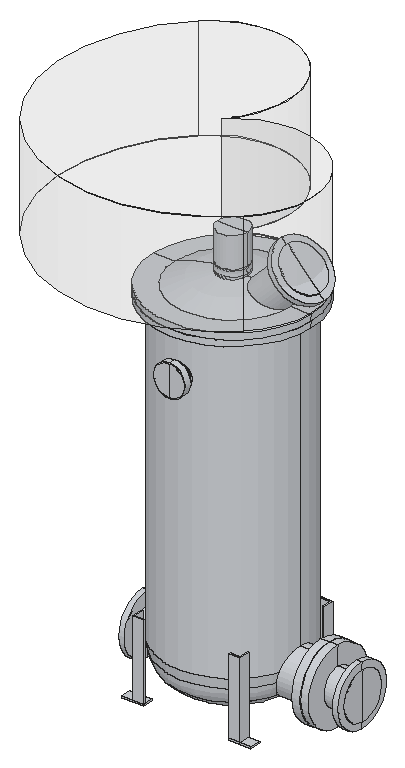
Revit family "Aquarevival_BSG25T", category Mechanical Equipment, Revit 2018
Family settings
  Round Connector Dimension = Use Diameter
  Part Type = Normal
  OmniClass Number = 23.75.00.00
  OmniClass Title = Climate Control (HVAC)
  Work Plane-Based = No
  Always vertical = Yes
  Cut with Voids When Loaded = No
  Shared = No
  Room Calculation Point = No
Parameters
  Panel Location (0-4) [instance] = 0
  Panel 4 [instance] = [Panel Location (0-4)] = 4  # no
  Panel 3 [instance] = [Panel Location (0-4)] = 3  # no
  Panel 2 [instance] = [Panel Location (0-4)] = 2  # no
  Panel 1 [instance] = not(or([Panel Location (0-4)] = 2, [Panel Location (0-4)] = 3, [Panel Location (0-4)] = 4, [Panel Location (0-4)] = 0))  # no
  Outlet = 0' - 6"
  Model = "BSG25T"
  Manufacturer = "Aqua Revival LLC"
  Keynote = ""
  Inlet = 0' - 6"
  Filter Discharge Rotation [instance] = 0.00°
  Filter Clearance Rotation [instance] = 0.00°
  Drain = 0' - 6"
  Description = "Regenerative Media Filter"
Reference planes (in)
  plane 1 "Center (Front/Back)": y = 0
  plane 2: z = 0
  plane 3 "Center (Left/Right)": x = 0
Forms (in)
  Revolve 1, solid
    sketch origin (-2.42435, 0, 0.85603) x (1, 0, 0) y (0, 0, 1)
      loop
        line (-14.12767, 5.39286) -> (2.50798, 5.39286) -> (2.50798, 8.70536) -> (-13.12766, 8.70536) -> (-13.12766, 10.89286) -> (-14.12767, 10.89286) -> (-14.12767, 5.39286)
      axis (-14.12767, 5.39286) -> (2.50798, 5.39286)
    angle from 0 to 360
  Extrusion 2, solid
    sketch origin (-2.42435, 0, 0.85603) x (0, 1, 0) y (0, 0, 1)
      loop
        circle (0, 5.39286) r 3.25
    from -14.26766 to -14.12767
  Revolve 3, solid
    sketch origin (0, -55.24083, 12.73959) x (0, 1, 0) y (0, 0, 1)
      loop
        line (40.62187, 45.49946) -> (44.12187, 45.49946) -> (44.12187, 47.76786) -> (42.49057, 47.76786) -> (42.39687, 47.86156) -> (42.39687, 48.01786) -> (41.87187, 48.01786) -> (41.87187, 48.41208) -> (40.71557, 48.41208) -> (40.62187, 48.31823) -> (40.62187, 45.49946)
      axis (40.62187, 45.49946) -> (44.12187, 45.49946)
    angle from 0 to 360
  Extrusion 4, solid
    sketch origin (0, 0, 0) x (1, 0, 0) y (0, 1, 0)
      loop
        line (-11.92656, -10.65994) -> (-7.91428, -10.65994) -> (-7.91428, -8.65994) -> (-11.92656, -8.65994) -> (-11.92656, -10.65994)
      loop
        line (11.92656, -10.65994) -> (11.92656, -8.65994) -> (7.91428, -8.65994) -> (7.91428, -10.65994) -> (11.92656, -10.65994)
      loop
        line (-11.92656, 10.65994) -> (-11.92656, 8.65994) -> (-7.91428, 8.65994) -> (-7.91428, 10.65994) -> (-11.92656, 10.65994)
      loop
        line (11.92656, 10.65994) -> (7.91428, 10.65994) -> (7.91428, 8.65994) -> (11.92656, 8.65994) -> (11.92656, 10.65994)
    from 0 to 0.25
  Extrusion 5, solid
    sketch origin (0, 0, 0) x (1, 0, 0) y (0, 1, 0)
      loop
        line (-7.91428, -10.65994) -> (-7.91428, -10.40994) -> (-9.67042, -10.40994) -> (-9.67042, -8.65994) -> (-9.92042, -8.65994) -> (-9.92042, -10.65994) -> (-7.91428, -10.65994)
      loop
        line (7.91428, -10.65994) -> (9.92042, -10.65994) -> (9.92042, -8.65994) -> (9.67042, -8.65994) -> (9.67042, -10.40994) -> (7.91428, -10.40994) -> (7.91428, -10.65994)
      loop
        line (-7.91428, 10.65994) -> (-9.92042, 10.65994) -> (-9.92042, 8.65994) -> (-9.67042, 8.65994) -> (-9.67042, 10.40994) -> (-7.91428, 10.40994) -> (-7.91428, 10.65994)
      loop
        line (7.91428, 10.65994) -> (7.91428, 10.40994) -> (9.67042, 10.40994) -> (9.67042, 8.65994) -> (9.92042, 8.65994) -> (9.92042, 10.65994) -> (7.91428, 10.65994)
    from 0.25 to 14.1875
  Extrusion 6, solid, visible <- "Panel 1"
    sketch origin (-0.01774, -3.35489, 11.91839) x (1, 0, 0) y (0, 1, 0)
      loop
        line (-26.32299, -12.86214) -> (-26.32299, -13.11014) -> (-27.35099, -13.11014) -> (-27.35099, -13.77514)
        arc (-27.35099, -13.77514) -> (-27.30413, -13.88828) -> (-27.19099, -13.93514) r 0.16
        line (-27.19099, -13.93514) -> (-11.87099, -13.93514)
        arc (-11.87099, -13.93514) -> (-11.76846, -13.89267) -> (-11.72599, -13.79014) r 0.145
        line (-11.72599, -13.79014) -> (-11.72599, -13.11014) -> (-12.65099, -13.11014) -> (-12.65099, -12.86215) -> (-11.62098, -12.86215)
        arc (-11.62098, -12.86215) -> (-11.51852, -12.81975) -> (-11.47597, -12.71735) r 0.14501
        line (-11.47597, -12.71735) -> (-11.47597, -7.00721)
        arc (-11.47597, -7.00721) -> (-11.51845, -6.90466) -> (-11.62101, -6.86218) r 0.14504
        line (-11.62101, -6.86218) -> (-27.331, -6.86218)
        arc (-27.331, -6.86218) -> (-27.43352, -6.90464) -> (-27.47598, -7.00716) r 0.14498
        line (-27.47598, -7.00716) -> (-27.47598, -12.71714)
        arc (-27.47598, -12.71714) -> (-27.43351, -12.81967) -> (-27.33099, -12.86214) r 0.145
        line (-27.33099, -12.86214) -> (-26.32299, -12.86214)
    from 35.1762 to 51.1012
  Extrusion 7, solid, visible <- "Panel 1"
    sketch origin (-0.01775, -3.35487, 11.91839) x (1, 0, 0) y (0, 1, 0)
      loop
        line (-27.47599, -6.86218) -> (-7.18378, -6.86218)
        arc (-7.18378, -6.86218) -> (-9.92977, -4.2146) -> (-11.74944, -0.86215) r 12.5
        line (-11.74944, -0.86215) -> (-27.47599, -0.86215) -> (-27.47599, -6.86218)
    from 50.9012 to 51.1012
  Extrusion 8, solid, visible <- "Panel 1"
    sketch origin (-0.01775, -3.35487, 11.91839) x (0, 1, 0) y (0, 0, 1)
      loop
        line (-6.86218, 50.9012) -> (-6.86218, 49.53074) -> (-6.61218, 49.53074) -> (-6.61218, 50.9012) -> (-6.86218, 50.9012)
    from -27.47599 to -7.47602
  Extrusion 9, solid, visible <- "Panel 1"
    sketch origin (-0.01775, -3.35487, 98.19579) x (0, -1, 0) y (-1, 0, 0)
      loop
        line (6.86218, 7.18378) -> (6.86218, 27.47599) -> (0.86215, 27.47599) -> (0.86215, 11.74944)
        arc (0.86215, 11.74944) -> (4.2146, 9.92977) -> (6.86218, 7.18378) r 12.5
    from 50.9012 to 51.1012
  Extrusion 10, solid, visible <- "Panel 1"
    sketch origin (-0.01775, -3.35487, 98.19579) x (0, 1, 0) y (0, 0, 1)
      loop
        line (-6.86218, -50.9012) -> (-6.61218, -50.9012) -> (-6.61218, -49.53074) -> (-6.86218, -49.53074) -> (-6.86218, -50.9012)
    from -27.47599 to -7.47599
  Revolve 11, solid, visible <- "Panel 1"
    sketch origin (-19.49372, -64.8959, 11.91839) x (0, -1, 0) y (0, 0, 1)
      loop
        line (-45.98085, 39.52627) -> (-45.98085, 40.27627)
        arc (-45.98085, 40.27627) -> (-46.1273, 40.62983) -> (-46.48085, 40.77627) r 0.5
        line (-46.48085, 40.77627) -> (-46.60585, 40.77627) -> (-46.60585, 40.02627) -> (-47.35585, 40.02627) -> (-47.35585, 40.10855) -> (-47.60585, 40.10855) -> (-47.60585, 39.52627) -> (-45.98085, 39.52627)
      axis (-47.60585, 39.52627) -> (-45.98085, 39.52627)
    angle from 0 to 360
  Revolve 12, solid
    sketch origin (0, 0, 12) x (1, 0, 0) y (0, 0, 1)
      loop
        line (0, 65.30547) -> (-2.75, 65.30547) -> (-2.75, 59.74297) -> (-2.75, 59.53467)
        arc (-2.75, 59.53467) -> (-2.69587, 58.99334) -> (-2.75, 58.45202) r 2.73402
        line (-2.75, 58.45202) -> (-2.75, 58.09177)
        arc (-2.75, 58.09177) -> (-6.80878, 57.3046) -> (-10.68411, 55.86405) r 25.1875
        line (-10.68411, 55.86405) -> (-14.5, 55.86405) -> (-14.5, 54.73906) -> (-14.34632, 54.73906) -> (-14.34632, 54.67656) -> (-14.5, 54.67656) -> (-14.5, 53.61405) -> (-12.5, 53.61405) -> (-12.5, -2.38595) -> (-12.1436, -4.18836)
        arc (-12.1436, -4.18836) -> (-11.75203, -5.73243) -> (-10.90607, -7.08218) r 5.13461
        arc (-10.90607, -7.08218) -> (-9.53802, -8.31753) -> (-7.91428, -9.18994) r 7.65294
        arc (-7.91428, -9.18994) -> (-4.0483, -10.53222) -> (0, -11.13111) r 21.88
        line (0, -11.13111) -> (0, 65.30547)
      axis (0, 65.30547) -> (0, -11.13111)
    angle from 0 to 360
  Revolve 13, solid
    sketch origin (0, 0, 0) x (1, 0, 0) y (0, 0, 1)
      loop
        line (23.97005, 8.23906) -> (23.97005, 12.48906) -> (23.83005, 12.48906) -> (23.83005, 13.73905) -> (22.83005, 13.73905) -> (22.83005, 11.55155) -> (19.41669, 11.55155) -> (19.41669, 14.98906) -> (17.89411, 14.98906) -> (17.89411, 14.95247) -> (17.84947, 14.95247) -> (17.84947, 14.98906) -> (16.34119, 14.98906) -> (16.34119, 12.55155) -> (6.09119, 12.55155) -> (6.09119, 8.23906) -> (23.97005, 8.23906)
      axis (6.09119, 8.23906) -> (23.97005, 8.23906)
    angle from 0 to 360
  Extrusion 14, solid, visible <- "Panel 2"
    sketch origin (0.01774, -3.35489, 11.91839) x (-1, 0, 0) y (0, -1, 0)
      loop
        line (-26.32299, 12.86214) -> (-27.33099, 12.86214)
        arc (-27.33099, 12.86214) -> (-27.43351, 12.81967) -> (-27.47598, 12.71714) r 0.145
        line (-27.47598, 12.71714) -> (-27.47598, 7.00716)
        arc (-27.47598, 7.00716) -> (-27.43352, 6.90464) -> (-27.331, 6.86218) r 0.14498
        line (-27.331, 6.86218) -> (-11.62101, 6.86218)
        arc (-11.62101, 6.86218) -> (-11.51845, 6.90466) -> (-11.47597, 7.00721) r 0.14504
        line (-11.47597, 7.00721) -> (-11.47597, 12.71735)
        arc (-11.47597, 12.71735) -> (-11.51852, 12.81975) -> (-11.62098, 12.86215) r 0.14501
        line (-11.62098, 12.86215) -> (-12.65099, 12.86215) -> (-12.65099, 13.11014) -> (-11.72599, 13.11014) -> (-11.72599, 13.79014)
        arc (-11.72599, 13.79014) -> (-11.76846, 13.89267) -> (-11.87099, 13.93514) r 0.145
        line (-11.87099, 13.93514) -> (-27.19099, 13.93514)
        arc (-27.19099, 13.93514) -> (-27.30413, 13.88828) -> (-27.35099, 13.77514) r 0.16
        line (-27.35099, 13.77514) -> (-27.35099, 13.11014) -> (-26.32299, 13.11014) -> (-26.32299, 12.86214)
    from 35.1762 to 51.1012
  Extrusion 15, solid, visible <- "Panel 2"
    sketch origin (0.01775, -3.35487, 11.91839) x (-1, 0, 0) y (0, -1, 0)
      loop
        line (-27.47599, 6.86218) -> (-27.47599, 0.86215) -> (-11.74944, 0.86215)
        arc (-11.74944, 0.86215) -> (-9.92977, 4.2146) -> (-7.18378, 6.86218) r 12.5
        line (-7.18378, 6.86218) -> (-27.47599, 6.86218)
    from 50.9012 to 51.1012
  Extrusion 16, solid, visible <- "Panel 2"
    sketch origin (0.01775, -3.35487, 11.91839) x (0, 1, 0) y (0, 0, -1)
      loop
        line (-6.86218, -50.9012) -> (-6.61218, -50.9012) -> (-6.61218, -49.53074) -> (-6.86218, -49.53074) -> (-6.86218, -50.9012)
    from -27.47599 to -7.47602
  Extrusion 17, solid, visible <- "Panel 2"
    sketch origin (0.01775, -3.35487, 98.19579) x (0, 1, 0) y (1, 0, 0)
      loop
        arc (-6.86218, 7.18378) -> (-4.2146, 9.92977) -> (-0.86215, 11.74944) r 12.5
        line (-0.86215, 11.74944) -> (-0.86215, 27.47599) -> (-6.86218, 27.47599) -> (-6.86218, 7.18378)
    from 50.9012 to 51.1012
  Extrusion 18, solid, visible <- "Panel 2"
    sketch origin (0.01775, -3.35487, 98.19579) x (0, 1, 0) y (0, 0, -1)
      loop
        line (-6.86218, 50.9012) -> (-6.86218, 49.53074) -> (-6.61218, 49.53074) -> (-6.61218, 50.9012) -> (-6.86218, 50.9012)
    from -27.47599 to -7.47599
  Revolve 19, solid, visible <- "Panel 2"
    sketch origin (19.49372, -64.8959, 11.91839) x (0, -1, 0) y (0, 0, -1)
      loop
        line (-45.98085, -39.52627) -> (-47.60585, -39.52627) -> (-47.60585, -40.10855) -> (-47.35585, -40.10855) -> (-47.35585, -40.02627) -> (-46.60585, -40.02627) -> (-46.60585, -40.77627) -> (-46.48085, -40.77627)
        arc (-46.48085, -40.77627) -> (-46.1273, -40.62983) -> (-45.98085, -40.27627) r 0.5
        line (-45.98085, -40.27627) -> (-45.98085, -39.52627)
      axis (-47.60585, -39.52627) -> (-45.98085, -39.52627)
    angle from 0 to 360
  Extrusion 20, solid, visible <- "Panel 3"
    sketch origin (0.01774, 3.35489, 11.91839) x (-1, 0, 0) y (0, -1, 0)
      loop
        line (-26.32299, -12.86214) -> (-26.32299, -13.11014) -> (-27.35099, -13.11014) -> (-27.35099, -13.77514)
        arc (-27.35099, -13.77514) -> (-27.30413, -13.88828) -> (-27.19099, -13.93514) r 0.16
        line (-27.19099, -13.93514) -> (-11.87099, -13.93514)
        arc (-11.87099, -13.93514) -> (-11.76846, -13.89267) -> (-11.72599, -13.79014) r 0.145
        line (-11.72599, -13.79014) -> (-11.72599, -13.11014) -> (-12.65099, -13.11014) -> (-12.65099, -12.86215) -> (-11.62098, -12.86215)
        arc (-11.62098, -12.86215) -> (-11.51852, -12.81975) -> (-11.47597, -12.71735) r 0.14501
        line (-11.47597, -12.71735) -> (-11.47597, -7.00721)
        arc (-11.47597, -7.00721) -> (-11.51845, -6.90466) -> (-11.62101, -6.86218) r 0.14504
        line (-11.62101, -6.86218) -> (-27.331, -6.86218)
        arc (-27.331, -6.86218) -> (-27.43352, -6.90464) -> (-27.47598, -7.00716) r 0.14498
        line (-27.47598, -7.00716) -> (-27.47598, -12.71714)
        arc (-27.47598, -12.71714) -> (-27.43351, -12.81967) -> (-27.33099, -12.86214) r 0.145
        line (-27.33099, -12.86214) -> (-26.32299, -12.86214)
    from 35.1762 to 51.1012
  Extrusion 21, solid, visible <- "Panel 3"
    sketch origin (0.01775, 3.35487, 11.91839) x (-1, 0, 0) y (0, -1, 0)
      loop
        line (-27.47599, -6.86218) -> (-7.18378, -6.86218)
        arc (-7.18378, -6.86218) -> (-9.92977, -4.2146) -> (-11.74944, -0.86215) r 12.5
        line (-11.74944, -0.86215) -> (-27.47599, -0.86215) -> (-27.47599, -6.86218)
    from 50.9012 to 51.1012
  Extrusion 22, solid, visible <- "Panel 3"
    sketch origin (0.01775, 3.35487, 11.91839) x (0, -1, 0) y (0, 0, 1)
      loop
        line (-6.86218, 50.9012) -> (-6.86218, 49.53074) -> (-6.61218, 49.53074) -> (-6.61218, 50.9012) -> (-6.86218, 50.9012)
    from -27.47599 to -7.47602
  Extrusion 23, solid, visible <- "Panel 3"
    sketch origin (0.01775, 3.35487, 98.19579) x (0, 1, 0) y (1, 0, 0)
      loop
        line (6.86218, 7.18378) -> (6.86218, 27.47599) -> (0.86215, 27.47599) -> (0.86215, 11.74944)
        arc (0.86215, 11.74944) -> (4.2146, 9.92977) -> (6.86218, 7.18378) r 12.5
    from 50.9012 to 51.1012
  Extrusion 24, solid, visible <- "Panel 3"
    sketch origin (0.01775, 3.35487, 98.19579) x (0, -1, 0) y (0, 0, 1)
      loop
        line (-6.86218, -50.9012) -> (-6.61218, -50.9012) -> (-6.61218, -49.53074) -> (-6.86218, -49.53074) -> (-6.86218, -50.9012)
    from -27.47599 to -7.47599
  Revolve 25, solid, visible <- "Panel 3"
    sketch origin (19.49372, 64.8959, 11.91839) x (0, 1, 0) y (0, 0, 1)
      loop
        line (-45.98085, 39.52627) -> (-45.98085, 40.27627)
        arc (-45.98085, 40.27627) -> (-46.1273, 40.62983) -> (-46.48085, 40.77627) r 0.5
        line (-46.48085, 40.77627) -> (-46.60585, 40.77627) -> (-46.60585, 40.02627) -> (-47.35585, 40.02627) -> (-47.35585, 40.10855) -> (-47.60585, 40.10855) -> (-47.60585, 39.52627) -> (-45.98085, 39.52627)
      axis (-47.60585, 39.52627) -> (-45.98085, 39.52627)
    angle from 0 to 360
  Extrusion 26, solid, visible <- "Panel 4"
    sketch origin (-0.01774, 3.35489, 11.91839) x (1, 0, 0) y (0, 1, 0)
      loop
        line (-26.32299, 12.86214) -> (-27.33099, 12.86214)
        arc (-27.33099, 12.86214) -> (-27.43351, 12.81967) -> (-27.47598, 12.71714) r 0.145
        line (-27.47598, 12.71714) -> (-27.47598, 7.00716)
        arc (-27.47598, 7.00716) -> (-27.43352, 6.90464) -> (-27.331, 6.86218) r 0.14498
        line (-27.331, 6.86218) -> (-11.62101, 6.86218)
        arc (-11.62101, 6.86218) -> (-11.51845, 6.90466) -> (-11.47597, 7.00721) r 0.14504
        line (-11.47597, 7.00721) -> (-11.47597, 12.71735)
        arc (-11.47597, 12.71735) -> (-11.51852, 12.81975) -> (-11.62098, 12.86215) r 0.14501
        line (-11.62098, 12.86215) -> (-12.65099, 12.86215) -> (-12.65099, 13.11014) -> (-11.72599, 13.11014) -> (-11.72599, 13.79014)
        arc (-11.72599, 13.79014) -> (-11.76846, 13.89267) -> (-11.87099, 13.93514) r 0.145
        line (-11.87099, 13.93514) -> (-27.19099, 13.93514)
        arc (-27.19099, 13.93514) -> (-27.30413, 13.88828) -> (-27.35099, 13.77514) r 0.16
        line (-27.35099, 13.77514) -> (-27.35099, 13.11014) -> (-26.32299, 13.11014) -> (-26.32299, 12.86214)
    from 35.1762 to 51.1012
  Extrusion 27, solid, visible <- "Panel 4"
    sketch origin (-0.01775, 3.35487, 11.91839) x (1, 0, 0) y (0, 1, 0)
      loop
        line (-27.47599, 6.86218) -> (-27.47599, 0.86215) -> (-11.74944, 0.86215)
        arc (-11.74944, 0.86215) -> (-9.92977, 4.2146) -> (-7.18378, 6.86218) r 12.5
        line (-7.18378, 6.86218) -> (-27.47599, 6.86218)
    from 50.9012 to 51.1012
  Extrusion 28, solid, visible <- "Panel 4"
    sketch origin (-0.01775, 3.35487, 11.91839) x (0, -1, 0) y (0, 0, -1)
      loop
        line (-6.86218, -50.9012) -> (-6.61218, -50.9012) -> (-6.61218, -49.53074) -> (-6.86218, -49.53074) -> (-6.86218, -50.9012)
    from -27.47599 to -7.47602
  Extrusion 29, solid, visible <- "Panel 4"
    sketch origin (-0.01775, 3.35487, 98.19579) x (0, -1, 0) y (-1, 0, 0)
      loop
        arc (-6.86218, 7.18378) -> (-4.2146, 9.92977) -> (-0.86215, 11.74944) r 12.5
        line (-0.86215, 11.74944) -> (-0.86215, 27.47599) -> (-6.86218, 27.47599) -> (-6.86218, 7.18378)
    from 50.9012 to 51.1012
  Extrusion 30, solid, visible <- "Panel 4"
    sketch origin (-0.01775, 3.35487, 98.19579) x (0, -1, 0) y (0, 0, -1)
      loop
        line (-6.86218, 50.9012) -> (-6.86218, 49.53074) -> (-6.61218, 49.53074) -> (-6.61218, 50.9012) -> (-6.86218, 50.9012)
    from -27.47599 to -7.47599
  Revolve 31, solid, visible <- "Panel 4"
    sketch origin (-19.49372, 64.8959, 11.91839) x (0, 1, 0) y (0, 0, -1)
      loop
        line (-45.98085, -39.52627) -> (-47.60585, -39.52627) -> (-47.60585, -40.10855) -> (-47.35585, -40.10855) -> (-47.35585, -40.02627) -> (-46.60585, -40.02627) -> (-46.60585, -40.77627) -> (-46.48085, -40.77627)
        arc (-46.48085, -40.77627) -> (-46.1273, -40.62983) -> (-45.98085, -40.27627) r 0.5
        line (-45.98085, -40.27627) -> (-45.98085, -39.52627)
      axis (-47.60585, -39.52627) -> (-45.98085, -39.52627)
    angle from 0 to 360
Cuts and joins
  joined: Revolve 1, Revolve 3, Extrusion 5
Lines and regions (in)
  reference lines
    curve 1: line (0, 0, 0) -> (19, 0, 0)
    curve 2: line (0, 0, 0) -> (0, 19, 0)
  model lines, style "Filter", visible <- "Panel 1"
    curve 3: line (-24.12213, -17.29003, 60.37699) -> (-15.74387, -17.29003, 60.37699)
    curve 4: line (-24.12213, -17.29003, 54.65973) -> (-24.12213, -17.29003, 60.37699)
    curve 5: line (-15.74387, -17.29003, 54.65973) -> (-24.12213, -17.29003, 54.65973)
    curve 6: line (-15.74387, -17.29003, 60.37699) -> (-15.74387, -17.29003, 54.65973)
    curve 7: line (-16.84245, -17.29003, 55.76639) -> (-23.02355, -17.29003, 55.76639)
    curve 8: line (-16.84245, -17.29003, 59.27033) -> (-16.84245, -17.29003, 55.76639)
    curve 9: line (-23.02355, -17.29003, 59.27033) -> (-16.84245, -17.29003, 59.27033)
    curve 10: line (-23.02355, -17.29003, 55.76639) -> (-23.02355, -17.29003, 59.27033)
    curve 11: arc (-13.99603, -17.29003, 55.56847) -> (-14.54721, -17.29003, 55.01729) -> (-13.99603, -17.29003, 54.46611) r 0.55118
    curve 12: arc (-13.99603, -17.29003, 54.46611) -> (-13.44485, -17.29003, 55.01729) -> (-13.99603, -17.29003, 55.56847) r 0.55118
    curve 13: arc (-13.99603, -17.29003, 54.58422) -> (-13.56296, -17.29003, 55.01729) -> (-13.99603, -17.29003, 55.45036) r 0.43307
    curve 14: arc (-13.99603, -17.29003, 55.45036) -> (-14.4291, -17.29003, 55.01729) -> (-13.99603, -17.29003, 54.58422) r 0.43307
    curve 15: arc (-13.99603, -17.29003, 55.34603) -> (-14.32477, -17.29003, 55.01729) -> (-13.99603, -17.29003, 54.68855) r 0.32874
    curve 16: arc (-13.99603, -17.29003, 54.68855) -> (-13.66729, -17.29003, 55.01729) -> (-13.99603, -17.29003, 55.34603) r 0.32874
    curve 17: line (-14.30613, -17.29003, 55.07241) -> (-13.68593, -17.29003, 55.07241)
    curve 18: line (-13.68593, -17.29003, 54.96217) -> (-14.30613, -17.29003, 54.96217)
  model lines, style "Filter", visible <- "Panel 2"
    curve 19: line (24.12213, -17.29003, 60.37699) -> (15.74387, -17.29003, 60.37699)
    curve 20: line (24.12213, -17.29003, 54.65973) -> (24.12213, -17.29003, 60.37699)
    curve 21: line (15.74387, -17.29003, 54.65973) -> (24.12213, -17.29003, 54.65973)
    curve 22: line (15.74387, -17.29003, 60.37699) -> (15.74387, -17.29003, 54.65973)
    curve 23: line (16.84245, -17.29003, 55.76639) -> (23.02355, -17.29003, 55.76639)
    curve 24: line (16.84245, -17.29003, 59.27033) -> (16.84245, -17.29003, 55.76639)
    curve 25: line (23.02355, -17.29003, 59.27033) -> (16.84245, -17.29003, 59.27033)
    curve 26: line (23.02355, -17.29003, 55.76639) -> (23.02355, -17.29003, 59.27033)
    curve 27: arc (13.99603, -17.29003, 55.56847) -> (14.54721, -17.29003, 55.01729) -> (13.99603, -17.29003, 54.46611) r 0.55118
    curve 28: arc (13.99603, -17.29003, 54.46611) -> (13.44485, -17.29003, 55.01729) -> (13.99603, -17.29003, 55.56847) r 0.55118
    curve 29: arc (13.99603, -17.29003, 54.58422) -> (13.56296, -17.29003, 55.01729) -> (13.99603, -17.29003, 55.45036) r 0.43307
    curve 30: arc (13.99603, -17.29003, 55.45036) -> (14.4291, -17.29003, 55.01729) -> (13.99603, -17.29003, 54.58422) r 0.43307
    curve 31: arc (13.99603, -17.29003, 55.34603) -> (14.32477, -17.29003, 55.01729) -> (13.99603, -17.29003, 54.68855) r 0.32874
    curve 32: arc (13.99603, -17.29003, 54.68855) -> (13.66729, -17.29003, 55.01729) -> (13.99603, -17.29003, 55.34603) r 0.32874
    curve 33: line (14.30613, -17.29003, 55.07241) -> (13.68593, -17.29003, 55.07241)
    curve 34: line (13.68593, -17.29003, 54.96217) -> (14.30613, -17.29003, 54.96217)
  model lines, style "Filter", visible <- "Panel 3"
    curve 35: line (24.12213, 17.29003, 60.37699) -> (15.74387, 17.29003, 60.37699)
    curve 36: line (24.12213, 17.29003, 54.65973) -> (24.12213, 17.29003, 60.37699)
    curve 37: line (15.74387, 17.29003, 54.65973) -> (24.12213, 17.29003, 54.65973)
    curve 38: line (15.74387, 17.29003, 60.37699) -> (15.74387, 17.29003, 54.65973)
    curve 39: line (16.84245, 17.29003, 55.76639) -> (23.02355, 17.29003, 55.76639)
    curve 40: line (16.84245, 17.29003, 59.27033) -> (16.84245, 17.29003, 55.76639)
    curve 41: line (23.02355, 17.29003, 59.27033) -> (16.84245, 17.29003, 59.27033)
    curve 42: line (23.02355, 17.29003, 55.76639) -> (23.02355, 17.29003, 59.27033)
    curve 43: arc (13.99603, 17.29003, 55.56847) -> (14.54721, 17.29003, 55.01729) -> (13.99603, 17.29003, 54.46611) r 0.55118
    curve 44: arc (13.99603, 17.29003, 54.46611) -> (13.44485, 17.29003, 55.01729) -> (13.99603, 17.29003, 55.56847) r 0.55118
    curve 45: arc (13.99603, 17.29003, 54.58422) -> (13.56296, 17.29003, 55.01729) -> (13.99603, 17.29003, 55.45036) r 0.43307
    curve 46: arc (13.99603, 17.29003, 55.45036) -> (14.4291, 17.29003, 55.01729) -> (13.99603, 17.29003, 54.58422) r 0.43307
    curve 47: arc (13.99603, 17.29003, 55.34603) -> (14.32477, 17.29003, 55.01729) -> (13.99603, 17.29003, 54.68855) r 0.32874
    curve 48: arc (13.99603, 17.29003, 54.68855) -> (13.66729, 17.29003, 55.01729) -> (13.99603, 17.29003, 55.34603) r 0.32874
    curve 49: line (14.30613, 17.29003, 55.07241) -> (13.68593, 17.29003, 55.07241)
    curve 50: line (13.68593, 17.29003, 54.96217) -> (14.30613, 17.29003, 54.96217)
  model lines, style "Filter", visible <- "Panel 4"
    curve 51: line (-24.12213, 17.29003, 60.37699) -> (-15.74387, 17.29003, 60.37699)
    curve 52: line (-24.12213, 17.29003, 54.65973) -> (-24.12213, 17.29003, 60.37699)
    curve 53: line (-15.74387, 17.29003, 54.65973) -> (-24.12213, 17.29003, 54.65973)
    curve 54: line (-15.74387, 17.29003, 60.37699) -> (-15.74387, 17.29003, 54.65973)
    curve 55: line (-16.84245, 17.29003, 55.76639) -> (-23.02355, 17.29003, 55.76639)
    curve 56: line (-16.84245, 17.29003, 59.27033) -> (-16.84245, 17.29003, 55.76639)
    curve 57: line (-23.02355, 17.29003, 59.27033) -> (-16.84245, 17.29003, 59.27033)
    curve 58: line (-23.02355, 17.29003, 55.76639) -> (-23.02355, 17.29003, 59.27033)
    curve 59: arc (-13.99603, 17.29003, 55.56847) -> (-14.54721, 17.29003, 55.01729) -> (-13.99603, 17.29003, 54.46611) r 0.55118
    curve 60: arc (-13.99603, 17.29003, 54.46611) -> (-13.44485, 17.29003, 55.01729) -> (-13.99603, 17.29003, 55.56847) r 0.55118
    curve 61: arc (-13.99603, 17.29003, 54.58422) -> (-13.56296, 17.29003, 55.01729) -> (-13.99603, 17.29003, 55.45036) r 0.43307
    curve 62: arc (-13.99603, 17.29003, 55.45036) -> (-14.4291, 17.29003, 55.01729) -> (-13.99603, 17.29003, 54.58422) r 0.43307
    curve 63: arc (-13.99603, 17.29003, 55.34603) -> (-14.32477, 17.29003, 55.01729) -> (-13.99603, 17.29003, 54.68855) r 0.32874
    curve 64: arc (-13.99603, 17.29003, 54.68855) -> (-13.66729, 17.29003, 55.01729) -> (-13.99603, 17.29003, 55.34603) r 0.32874
    curve 65: line (-14.30613, 17.29003, 55.07241) -> (-13.68593, 17.29003, 55.07241)
    curve 66: line (-13.68593, 17.29003, 54.96217) -> (-14.30613, 17.29003, 54.96217)
Dimensions and locks (in)
  "Filter Discharge Rotation": angle plane 1 "Center (Front/Back)" to curve 1
  "Filter Clearance Rotation": angle curve 2 to plane 3 "Center (Left/Right)"
  aligned and locked: level to plane 2
  aligned and locked: plane 3 "Center (Left/Right)" to curve 2
  aligned and locked: plane 1 "Center (Front/Back)" to curve 2
Automatic sketch dimensions
  Revolve 1 sketch curve to Revolve 1 sketch curve = 0' - 1"
  plane 3 "Center (Left/Right)" to Revolve 1 sketch curve = 0' - 0.08363"
  level to Revolve 1 sketch curve = 0' - 6.24889"
  Revolve 1 sketch curve to Revolve 1 sketch curve = 0' - 3 5/16"
  Revolve 1 sketch curve to Revolve 1 sketch curve = 0' - 2 3/16"
  Revolve 1 sketch curve to Revolve 1 sketch curve = 0' - 0"
  Extrusion 2 sketch curve to plane 1 "Center (Front/Back)" = 0' - 0"
  level to Extrusion 2 sketch curve = 0' - 6.24889"
  plane 1 "Center (Front/Back)" to Revolve 3 sketch curve = 1' - 2.61896"
  Revolve 3 sketch curve to Revolve 3 sketch curve = 0' - 0.0937"  (x4)
  Revolve 3 sketch curve to Revolve 3 sketch curve = 0' - 1.1563"
  Revolve 3 sketch curve to Revolve 3 sketch curve = 0' - 0.525"
  Revolve 3 sketch curve to Revolve 3 sketch curve = 0' - 1.6313"
  level to Revolve 3 sketch curve = 4' - 10.23906"
  Revolve 3 sketch curve to Revolve 3 sketch curve = 0' - 2.26839"
  Revolve 3 sketch curve to Revolve 3 sketch curve = 0' - 0.1563"
  Revolve 3 sketch curve to Revolve 3 sketch curve = 0' - 0.30037"
  Revolve 3 sketch curve to Revolve 3 sketch curve = 0' - 0.09385"
  Revolve 3 sketch curve to Revolve 3 sketch curve = 0' - 1"
  Revolve 3 sketch curve to Revolve 3 sketch curve = 0' - 0"
  Extrusion 6 sketch curve to Extrusion 6 sketch curve = 0' - 0 1/8"
  Extrusion 6 sketch curve to Extrusion 6 sketch curve = 0' - 0.14498"
  Extrusion 6 sketch curve to Extrusion 6 sketch curve = 0' - 0.145"  (x2)
  Extrusion 6 sketch curve to Extrusion 6 sketch curve = 0' - 0.16"
  Extrusion 6 sketch curve to Extrusion 6 sketch curve = 0' - 1.028"
  Extrusion 6 sketch curve to Extrusion 6 sketch curve = 0' - 0.10501"
  Extrusion 6 sketch curve to Extrusion 6 sketch curve = 0' - 0.14501"
  plane 1 "Center (Front/Back)" to Extrusion 6 sketch curve = 1' - 5.29003"
  Extrusion 6 sketch curve to Extrusion 6 sketch curve = 0' - 0.665"
  Extrusion 6 sketch curve to Extrusion 6 sketch curve = 0' - 0.68"
  Extrusion 6 sketch curve to Extrusion 6 sketch curve = 0' - 0.24799"
  Extrusion 6 sketch curve to Extrusion 6 sketch curve = 0' - 0.248"
  Extrusion 6 sketch curve to Extrusion 6 sketch curve = 0' - 0.14479"
  Extrusion 6 sketch curve to Extrusion 6 sketch curve = 0' - 5.70992"
  plane 1 "Center (Front/Back)" to Extrusion 7 sketch curve = 0' - 0"
  Extrusion 7 sketch curve to plane 3 "Center (Left/Right)" = 0' - 0"
  plane 1 "Center (Front/Back)" to Extrusion 7 sketch curve = 0' - 4.21702"
  plane 1 "Center (Front/Back)" to Extrusion 8 sketch curve = 0' - 10.21705"
  Extrusion 8 sketch curve to Extrusion 8 sketch curve = 0' - 0 1/4"
  level to Extrusion 8 sketch curve = 5' - 1.44913"
  Extrusion 8 sketch curve to Extrusion 8 sketch curve = 0' - 1.37046"
  plane 1 "Center (Front/Back)" to Extrusion 9 sketch curve = 0' - 0"
  Extrusion 9 sketch curve to plane 3 "Center (Left/Right)" = 0' - 0"
  plane 1 "Center (Front/Back)" to Extrusion 9 sketch curve = 0' - 4.21702"
  Extrusion 9 sketch curve to Extrusion 9 sketch curve = 0' - 6.00003"
  Extrusion 10 sketch curve to plane 1 "Center (Front/Back)" = 0' - 10.21705"
  Extrusion 10 sketch curve to Extrusion 10 sketch curve = 0' - 0 1/4"
  Extrusion 10 sketch curve to level = 4' - 0.66505"
  Extrusion 10 sketch curve to Extrusion 10 sketch curve = 0' - 1.37046"
  plane 1 "Center (Front/Back)" to Revolve 11 sketch curve = 1' - 5.29005"
  Revolve 11 sketch curve to Revolve 11 sketch curve = 0' - 0 1/4"  (x2)
  Revolve 11 sketch curve to Revolve 11 sketch curve = 0' - 0 3/4"
  Revolve 11 sketch curve to Revolve 11 sketch curve = 0' - 0 1/8"
  Revolve 11 sketch curve to Revolve 11 sketch curve = 0' - 0 5/8"
  level to Revolve 11 sketch curve = 4' - 3.44467"
  Revolve 11 sketch curve to Revolve 11 sketch curve = 0' - 0 1/2"  (x2)
  Revolve 11 sketch curve to Revolve 11 sketch curve = 0' - 0.08228"
  Revolve 11 sketch curve to Revolve 11 sketch curve = 0' - 0.57774"
  Revolve 11 sketch curve to Revolve 11 sketch curve = 0' - 0"  (x4)
  Revolve 11 sketch curve to Revolve 11 sketch curve = 0' - 0.35941"
  curve 11 to curve 12 = 0' - 0"  (x2)
  curve 11 to curve 13 = 0' - 0"  (x2)
  curve 11 to curve 14 = 0' - 0"  (x2)
  curve 11 to curve 15 = 0' - 0"  (x2)
  curve 11 to curve 16 = 0' - 0"  (x2)
  curve 12 to curve 13 = 0' - 0"  (x2)
  curve 12 to curve 14 = 0' - 0"  (x2)
  curve 12 to curve 15 = 0' - 0"  (x2)
  curve 12 to curve 16 = 0' - 0"  (x2)
  curve 13 to curve 14 = 0' - 0"  (x2)
  curve 13 to curve 15 = 0' - 0"  (x2)
  curve 13 to curve 16 = 0' - 0"  (x2)
  curve 14 to curve 15 = 0' - 0"  (x2)
  curve 14 to curve 16 = 0' - 0"  (x2)
  curve 15 to curve 16 = 0' - 0"  (x2)
  Extrusion 6 to curve 5 = 0' - 3.08661"
  curve 3 to curve 9 = 0' - 1.09858"
  curve 9 to Extrusion 6 = 0' - 4.95372"
  curve 7 to curve 5 = 0' - 1.09858"
  curve 5 to curve 13 = 0' - 1.74784"
  Extrusion 6 to curve 5 = 0' - 7.56514"
  curve 5 to curve 13 = 0' - 0.35756"
  curve 5 to curve 7 = 0' - 1.10666"
  curve 7 to curve 10 = 0' - 3.50394"
  curve 9 to curve 4 = 0' - 1.10666"
  curve 17 to curve 11 = 0' - 0.3101"
  curve 17 to curve 18 = 0' - 0"  (x2)
  curve 13 to curve 18 = 0' - 0.3101"
  curve 13 to curve 11 = 0' - 0.43307"
  curve 12 to curve 13 = 0' - 0.11811"
  curve 13 to curve 16 = 0' - 0.10433"
  curve 18 to curve 11 = 0' - 0.05512"
  curve 18 to curve 17 = 0' - 0.11024"
  Revolve 12 sketch curve to plane 3 "Center (Left/Right)" = 0' - 0"  (x3)
  Revolve 12 sketch curve to Revolve 12 sketch curve = 0' - 0.15368"
  Revolve 12 sketch curve to Revolve 12 sketch curve = 0' - 0"  (x3)
  Revolve 12 sketch curve to Revolve 12 sketch curve = 0' - 1.90058"
  Revolve 12 sketch curve to plane 3 "Center (Left/Right)" = 0' - 2 3/4"
  plane 3 "Center (Left/Right)" to Revolve 12 sketch curve = 0' - 1.16381"
  level to Revolve 12 sketch curve = 0' - 0.86889"
  level to Revolve 12 sketch curve = 0' - 7.81164"
  Revolve 12 sketch curve to Revolve 12 sketch curve = 0' - 0.47486"
  Revolve 12 sketch curve to Revolve 12 sketch curve = 0' - 1.80242"
  Revolve 12 sketch curve to Revolve 12 sketch curve = 0' - 1.65221"
  Revolve 12 sketch curve to Revolve 12 sketch curve = 1' - 0.77921"
  Revolve 12 sketch curve to Revolve 12 sketch curve = 1' - 10.33693"
  Revolve 12 sketch curve to Revolve 12 sketch curve = 1' - 8.55921"
  Revolve 12 sketch curve to Revolve 12 sketch curve = 0' - 1 1/16"
  Revolve 12 sketch curve to Revolve 12 sketch curve = 0' - 0 1/16"
  Revolve 12 sketch curve to Revolve 12 sketch curve = 0' - 1 1/8"
  Revolve 12 sketch curve to Revolve 12 sketch curve = 0' - 0.36024"
  Revolve 12 sketch curve to Revolve 12 sketch curve = 0' - 0.54133"
  Revolve 12 sketch curve to Revolve 12 sketch curve = 0' - 0.2083"
  Revolve 12 sketch curve to Revolve 12 sketch curve = 0' - 5 9/16"
  Revolve 12 sketch curve to Revolve 12 sketch curve = 1' - 1.24426"
  Revolve 12 sketch curve to Revolve 12 sketch curve = 0' - 4 1/4"
  plane 3 "Center (Left/Right)" to Revolve 13 sketch curve = 0' - 6.09119"
  Revolve 13 sketch curve to Revolve 13 sketch curve = 0' - 10 1/4"
  Revolve 13 sketch curve to Revolve 13 sketch curve = 0' - 1.50828"
  Revolve 13 sketch curve to Revolve 13 sketch curve = 0' - 0.04464"
  Revolve 13 sketch curve to Revolve 13 sketch curve = 0' - 3.0755"
  Revolve 13 sketch curve to Revolve 13 sketch curve = 0' - 3.41336"
  Revolve 13 sketch curve to Revolve 13 sketch curve = 0' - 1"
  Revolve 13 sketch curve to Revolve 13 sketch curve = 0' - 0.14"
  level to Revolve 13 sketch curve = 0' - 8.23906"
  Revolve 13 sketch curve to Revolve 13 sketch curve = 0' - 3 5/16"
  Revolve 13 sketch curve to Revolve 13 sketch curve = 0' - 0 15/16"
  Revolve 13 sketch curve to Revolve 13 sketch curve = 0' - 4 5/16"  (x2)
  Revolve 13 sketch curve to Revolve 13 sketch curve = 0' - 1 1/4"
  Revolve 13 sketch curve to Revolve 13 sketch curve = 0' - 2.40092"
  Revolve 13 sketch curve to Revolve 13 sketch curve = 0' - 0.03658"  (x2)
  Revolve 13 sketch curve to Revolve 13 sketch curve = 0' - 2"
  Revolve 13 sketch curve to Revolve 13 sketch curve = 0' - 0.9245"
  plane 1 "Center (Front/Back)" to Extrusion 14 sketch curve = 0' - 10.36205"
  plane 3 "Center (Left/Right)" to Extrusion 14 sketch curve = 2' - 3.49372"
  Extrusion 14 sketch curve to Extrusion 14 sketch curve = 0' - 0 1/8"
  Extrusion 14 sketch curve to Extrusion 14 sketch curve = 0' - 0.14498"
  Extrusion 14 sketch curve to Extrusion 14 sketch curve = 0' - 0.145"  (x2)
  Extrusion 14 sketch curve to Extrusion 14 sketch curve = 0' - 0.16"
  Extrusion 14 sketch curve to Extrusion 14 sketch curve = 0' - 1.028"
  plane 3 "Center (Left/Right)" to Extrusion 14 sketch curve = 1' - 0.66873"
  Extrusion 14 sketch curve to Extrusion 14 sketch curve = 0' - 0.78"
  Extrusion 14 sketch curve to Extrusion 14 sketch curve = 0' - 1.02998"
  Extrusion 14 sketch curve to Extrusion 14 sketch curve = 0' - 0.10501"
  Extrusion 14 sketch curve to Extrusion 14 sketch curve = 0' - 0.14501"
  Extrusion 14 sketch curve to Extrusion 14 sketch curve = 0' - 5.70992"
  Extrusion 14 sketch curve to Extrusion 14 sketch curve = 0' - 5.70998"
  Extrusion 14 sketch curve to Extrusion 14 sketch curve = 0' - 0.00021"
  Extrusion 14 sketch curve to Extrusion 14 sketch curve = 0' - 0.248"
  Extrusion 14 sketch curve to Extrusion 14 sketch curve = 0' - 0.24799"
  Extrusion 14 sketch curve to Extrusion 14 sketch curve = 0' - 0.665"
  plane 1 "Center (Front/Back)" to Extrusion 15 sketch curve = 0' - 0"
  Extrusion 15 sketch curve to plane 3 "Center (Left/Right)" = 0' - 0"
  plane 3 "Center (Left/Right)" to Extrusion 15 sketch curve = 0' - 7.20152"
  Extrusion 15 sketch curve to Extrusion 15 sketch curve = 0' - 4.56567"
  Extrusion 15 sketch curve to Extrusion 15 sketch curve = 1' - 3 93/128"
  plane 1 "Center (Front/Back)" to Extrusion 15 sketch curve = 0' - 4.21702"
  plane 1 "Center (Front/Back)" to Extrusion 16 sketch curve = 0' - 10.21705"
  Extrusion 16 sketch curve to Extrusion 16 sketch curve = 0' - 0 1/4"
  level to Extrusion 16 sketch curve = 5' - 2.81959"
  Extrusion 16 sketch curve to Extrusion 16 sketch curve = 0' - 1.37046"
  plane 1 "Center (Front/Back)" to Extrusion 17 sketch curve = 0' - 0"
  Extrusion 17 sketch curve to plane 3 "Center (Left/Right)" = 0' - 0"
  plane 1 "Center (Front/Back)" to Extrusion 17 sketch curve = 0' - 4.21702"
  Extrusion 17 sketch curve to Extrusion 17 sketch curve = 0' - 6.00003"
  plane 3 "Center (Left/Right)" to Extrusion 17 sketch curve = 0' - 7.20152"
  Extrusion 17 sketch curve to Extrusion 17 sketch curve = 1' - 3 93/128"
  plane 1 "Center (Front/Back)" to Extrusion 18 sketch curve = 0' - 10.21705"
  Extrusion 18 sketch curve to Extrusion 18 sketch curve = 0' - 0 1/4"
  level to Extrusion 18 sketch curve = 4' - 0.66505"
  Extrusion 18 sketch curve to Extrusion 18 sketch curve = 0' - 1.37046"
  plane 1 "Center (Front/Back)" to Revolve 19 sketch curve = 1' - 5.29005"
  Revolve 19 sketch curve to Revolve 19 sketch curve = 0' - 0 1/4"  (x2)
  Revolve 19 sketch curve to Revolve 19 sketch curve = 0' - 0 3/4"  (x2)
  Revolve 19 sketch curve to Revolve 19 sketch curve = 0' - 0 1/8"
  Revolve 19 sketch curve to Revolve 19 sketch curve = 0' - 0 5/8"
  level to Revolve 19 sketch curve = 4' - 4.69467"
  Revolve 19 sketch curve to Revolve 19 sketch curve = 0' - 0 1/2"
  Revolve 19 sketch curve to Revolve 19 sketch curve = 0' - 0.16772"
  Revolve 19 sketch curve to Revolve 19 sketch curve = 0' - 0.57774"
  Revolve 19 sketch curve to Revolve 19 sketch curve = 0' - 0"  (x4)
  Revolve 19 sketch curve to Revolve 19 sketch curve = 0' - 0.35941"
  curve 27 to curve 28 = 0' - 0"  (x2)
  curve 27 to curve 29 = 0' - 0"  (x2)
  curve 27 to curve 30 = 0' - 0"  (x2)
  curve 27 to curve 31 = 0' - 0"  (x2)
  curve 27 to curve 32 = 0' - 0"  (x2)
  curve 28 to curve 29 = 0' - 0"  (x2)
  curve 28 to curve 30 = 0' - 0"  (x2)
  curve 28 to curve 31 = 0' - 0"  (x2)
  curve 28 to curve 32 = 0' - 0"  (x2)
  curve 29 to curve 30 = 0' - 0"  (x2)
  curve 29 to curve 31 = 0' - 0"  (x2)
  curve 29 to curve 32 = 0' - 0"  (x2)
  curve 30 to curve 31 = 0' - 0"  (x2)
  curve 30 to curve 32 = 0' - 0"  (x2)
  curve 31 to curve 32 = 0' - 0"  (x2)
  Extrusion 14 to curve 21 = 0' - 3.08661"
  curve 19 to curve 25 = 0' - 1.09858"
  curve 25 to Extrusion 14 = 0' - 4.95372"
  curve 23 to curve 21 = 0' - 1.09858"
  curve 21 to curve 29 = 0' - 1.74784"
  Extrusion 14 to curve 19 = 0' - 2.6426"
  curve 19 to curve 25 = 0' - 1.10666"
  curve 25 to curve 23 = 0' - 3.50394"
  curve 23 to curve 31 = 0' - 0.7491"
  curve 23 to curve 22 = 0' - 1.10666"
  curve 33 to curve 27 = 0' - 0.3101"
  curve 33 to curve 34 = 0' - 0"  (x2)
  curve 29 to curve 34 = 0' - 0.3101"
  curve 27 to curve 27 = 0' - 0.55118"
  curve 27 to curve 30 = 0' - 0.11811"
  curve 29 to curve 31 = 0' - 0.10433"
  curve 33 to curve 27 = 0' - 0.05512"
  curve 33 to curve 34 = 0' - 0.11024"
  Extrusion 20 sketch curve to plane 1 "Center (Front/Back)" = 0' - 10.36205"
  plane 3 "Center (Left/Right)" to Extrusion 20 sketch curve = 2' - 3.49372"
  Extrusion 20 sketch curve to Extrusion 20 sketch curve = 0' - 0 1/8"
  Extrusion 20 sketch curve to Extrusion 20 sketch curve = 0' - 0.14498"
  Extrusion 20 sketch curve to Extrusion 20 sketch curve = 0' - 0.145"  (x2)
  Extrusion 20 sketch curve to Extrusion 20 sketch curve = 0' - 0.16"
  Extrusion 20 sketch curve to Extrusion 20 sketch curve = 0' - 1.028"
  plane 3 "Center (Left/Right)" to Extrusion 20 sketch curve = 1' - 0.66873"
  Extrusion 20 sketch curve to Extrusion 20 sketch curve = 0' - 0.78"
  Extrusion 20 sketch curve to Extrusion 20 sketch curve = 0' - 1.02998"
  Extrusion 20 sketch curve to Extrusion 20 sketch curve = 0' - 0.10501"
  Extrusion 20 sketch curve to Extrusion 20 sketch curve = 0' - 0.14501"
  Extrusion 20 sketch curve to Extrusion 20 sketch curve = 0' - 5.70992"
  Extrusion 20 sketch curve to Extrusion 20 sketch curve = 0' - 5.70998"
  Extrusion 20 sketch curve to Extrusion 20 sketch curve = 0' - 0.00021"
  Extrusion 20 sketch curve to Extrusion 20 sketch curve = 0' - 0.248"
  Extrusion 20 sketch curve to Extrusion 20 sketch curve = 0' - 0.24799"
  Extrusion 20 sketch curve to Extrusion 20 sketch curve = 0' - 0.665"
  plane 1 "Center (Front/Back)" to Extrusion 21 sketch curve = 0' - 0"
  Extrusion 21 sketch curve to plane 3 "Center (Left/Right)" = 0' - 0"
  plane 3 "Center (Left/Right)" to Extrusion 21 sketch curve = 0' - 7.20152"
  Extrusion 21 sketch curve to Extrusion 21 sketch curve = 0' - 4.56567"
  Extrusion 21 sketch curve to Extrusion 21 sketch curve = 1' - 3 93/128"
  Extrusion 21 sketch curve to plane 1 "Center (Front/Back)" = 0' - 4.21702"
  Extrusion 22 sketch curve to plane 1 "Center (Front/Back)" = 0' - 10.21705"
  Extrusion 22 sketch curve to Extrusion 22 sketch curve = 0' - 0 1/4"
  level to Extrusion 22 sketch curve = 5' - 1.44913"
  Extrusion 22 sketch curve to Extrusion 22 sketch curve = 0' - 1.37046"
  plane 1 "Center (Front/Back)" to Extrusion 23 sketch curve = 0' - 0"
  Extrusion 23 sketch curve to plane 3 "Center (Left/Right)" = 0' - 0"
  Extrusion 23 sketch curve to plane 1 "Center (Front/Back)" = 0' - 4.21702"
  Extrusion 23 sketch curve to Extrusion 23 sketch curve = 0' - 6.00003"
  plane 3 "Center (Left/Right)" to Extrusion 23 sketch curve = 0' - 7.20152"
  Extrusion 23 sketch curve to Extrusion 23 sketch curve = 1' - 3 93/128"
  Extrusion 24 sketch curve to plane 1 "Center (Front/Back)" = 0' - 10.21705"
  Extrusion 24 sketch curve to Extrusion 24 sketch curve = 0' - 0 1/4"
  level to Extrusion 24 sketch curve = 3' - 11.29459"
  Extrusion 24 sketch curve to Extrusion 24 sketch curve = 0' - 1.37046"
  Revolve 25 sketch curve to plane 1 "Center (Front/Back)" = 1' - 5.29005"
  Revolve 25 sketch curve to Revolve 25 sketch curve = 0' - 0 1/4"  (x2)
  Revolve 25 sketch curve to Revolve 25 sketch curve = 0' - 0 3/4"
  Revolve 25 sketch curve to Revolve 25 sketch curve = 0' - 0 1/8"
  Revolve 25 sketch curve to Revolve 25 sketch curve = 0' - 0 5/8"
  level to Revolve 25 sketch curve = 4' - 3.44467"
  Revolve 25 sketch curve to Revolve 25 sketch curve = 0' - 0 1/2"  (x2)
  Revolve 25 sketch curve to Revolve 25 sketch curve = 0' - 0.08228"
  Revolve 25 sketch curve to Revolve 25 sketch curve = 0' - 0.57774"
  Revolve 25 sketch curve to Revolve 25 sketch curve = 0' - 0"  (x4)
  Revolve 25 sketch curve to Revolve 25 sketch curve = 0' - 0.35941"
  curve 43 to curve 44 = 0' - 0"  (x2)
  curve 43 to curve 45 = 0' - 0"  (x2)
  curve 43 to curve 46 = 0' - 0"  (x2)
  curve 43 to curve 47 = 0' - 0"  (x2)
  curve 43 to curve 48 = 0' - 0"  (x2)
  curve 44 to curve 45 = 0' - 0"  (x2)
  curve 44 to curve 46 = 0' - 0"  (x2)
  curve 44 to curve 47 = 0' - 0"  (x2)
  curve 44 to curve 48 = 0' - 0"  (x2)
  curve 45 to curve 46 = 0' - 0"  (x2)
  curve 45 to curve 47 = 0' - 0"  (x2)
  curve 45 to curve 48 = 0' - 0"  (x2)
  curve 46 to curve 47 = 0' - 0"  (x2)
  curve 46 to curve 48 = 0' - 0"  (x2)
  curve 47 to curve 48 = 0' - 0"  (x2)
  Extrusion 20 to curve 37 = 0' - 3.08661"
  curve 35 to curve 41 = 0' - 1.09858"
  curve 41 to Extrusion 20 = 0' - 4.95372"
  curve 39 to curve 37 = 0' - 1.09858"
  curve 37 to curve 45 = 0' - 1.74784"
  Extrusion 20 to curve 37 = 0' - 7.56514"
  curve 37 to curve 45 = 0' - 0.35756"
  curve 37 to curve 39 = 0' - 1.10666"
  curve 39 to curve 42 = 0' - 3.50394"
  curve 41 to curve 36 = 0' - 1.10666"
  curve 49 to curve 43 = 0' - 0.3101"
  curve 50 to curve 49 = 0' - 0"  (x2)
  curve 45 to curve 50 = 0' - 0.3101"
  curve 45 to curve 43 = 0' - 0.43307"
  curve 44 to curve 45 = 0' - 0.11811"
  curve 45 to curve 48 = 0' - 0.10433"
  curve 50 to curve 43 = 0' - 0.05512"
  curve 50 to curve 49 = 0' - 0.11024"
  Extrusion 26 sketch curve to Extrusion 26 sketch curve = 0' - 0 1/8"
  Extrusion 26 sketch curve to Extrusion 26 sketch curve = 0' - 0.14498"
  Extrusion 26 sketch curve to Extrusion 26 sketch curve = 0' - 0.145"  (x2)
  Extrusion 26 sketch curve to Extrusion 26 sketch curve = 0' - 0.16"
  Extrusion 26 sketch curve to Extrusion 26 sketch curve = 0' - 1.028"
  Extrusion 26 sketch curve to Extrusion 26 sketch curve = 0' - 0.10501"
  Extrusion 26 sketch curve to Extrusion 26 sketch curve = 0' - 0.14501"
  Extrusion 26 sketch curve to plane 1 "Center (Front/Back)" = 0' - 10.21706"
  Extrusion 26 sketch curve to Extrusion 26 sketch curve = 0' - 5.70992"
  Extrusion 26 sketch curve to Extrusion 26 sketch curve = 0' - 5.70998"
  Extrusion 26 sketch curve to Extrusion 26 sketch curve = 0' - 0.00021"
  Extrusion 26 sketch curve to Extrusion 26 sketch curve = 0' - 0.248"
  Extrusion 26 sketch curve to Extrusion 26 sketch curve = 0' - 0.24799"
  Extrusion 26 sketch curve to Extrusion 26 sketch curve = 0' - 0.665"
  plane 1 "Center (Front/Back)" to Extrusion 27 sketch curve = 0' - 0"
  Extrusion 27 sketch curve to plane 3 "Center (Left/Right)" = 0' - 0"
  Extrusion 27 sketch curve to plane 1 "Center (Front/Back)" = 0' - 4.21702"
  Extrusion 28 sketch curve to plane 1 "Center (Front/Back)" = 0' - 10.21705"
  Extrusion 28 sketch curve to Extrusion 28 sketch curve = 0' - 0 1/4"
  level to Extrusion 28 sketch curve = 5' - 2.81959"
  Extrusion 28 sketch curve to Extrusion 28 sketch curve = 0' - 1.37046"
  plane 1 "Center (Front/Back)" to Extrusion 29 sketch curve = 0' - 0"
  Extrusion 29 sketch curve to plane 3 "Center (Left/Right)" = 0' - 0"
  Extrusion 29 sketch curve to plane 1 "Center (Front/Back)" = 0' - 4.21702"
  Extrusion 29 sketch curve to Extrusion 29 sketch curve = 0' - 6.00003"
  Extrusion 30 sketch curve to plane 1 "Center (Front/Back)" = 0' - 10.21705"
  Extrusion 30 sketch curve to Extrusion 30 sketch curve = 0' - 0 1/4"
  level to Extrusion 30 sketch curve = 4' - 0.66505"
  Extrusion 30 sketch curve to Extrusion 30 sketch curve = 0' - 1.37046"
  Revolve 31 sketch curve to plane 1 "Center (Front/Back)" = 1' - 5.29005"
  Revolve 31 sketch curve to Revolve 31 sketch curve = 0' - 0 1/4"  (x2)
  Revolve 31 sketch curve to Revolve 31 sketch curve = 0' - 0 3/4"  (x2)
  Revolve 31 sketch curve to Revolve 31 sketch curve = 0' - 0 1/8"
  Revolve 31 sketch curve to Revolve 31 sketch curve = 0' - 0 5/8"
  level to Revolve 31 sketch curve = 4' - 4.69467"
  Revolve 31 sketch curve to Revolve 31 sketch curve = 0' - 0 1/2"
  Revolve 31 sketch curve to Revolve 31 sketch curve = 0' - 0.16772"
  Revolve 31 sketch curve to Revolve 31 sketch curve = 0' - 0.57774"
  Revolve 31 sketch curve to Revolve 31 sketch curve = 0' - 0"  (x4)
  Revolve 31 sketch curve to Revolve 31 sketch curve = 0' - 0.35941"
  curve 59 to curve 60 = 0' - 0"  (x2)
  curve 59 to curve 61 = 0' - 0"  (x2)
  curve 59 to curve 62 = 0' - 0"  (x2)
  curve 59 to curve 63 = 0' - 0"  (x2)
  curve 59 to curve 64 = 0' - 0"  (x2)
  curve 60 to curve 61 = 0' - 0"  (x2)
  curve 60 to curve 62 = 0' - 0"  (x2)
  curve 60 to curve 63 = 0' - 0"  (x2)
  curve 60 to curve 64 = 0' - 0"  (x2)
  curve 61 to curve 62 = 0' - 0"  (x2)
  curve 61 to curve 63 = 0' - 0"  (x2)
  curve 61 to curve 64 = 0' - 0"  (x2)
  curve 62 to curve 63 = 0' - 0"  (x2)
  curve 62 to curve 64 = 0' - 0"  (x2)
  curve 63 to curve 64 = 0' - 0"  (x2)
  Extrusion 26 to curve 53 = 0' - 3.08661"
  curve 51 to curve 57 = 0' - 1.09858"
  curve 57 to Extrusion 26 = 0' - 4.95372"
  curve 55 to curve 53 = 0' - 1.09858"
  curve 53 to curve 61 = 0' - 1.74784"
  Extrusion 26 to curve 51 = 0' - 2.6426"
  curve 51 to curve 57 = 0' - 1.10666"
  curve 57 to curve 55 = 0' - 3.50394"
  curve 55 to curve 63 = 0' - 0.7491"
  curve 55 to curve 54 = 0' - 1.10666"
  curve 65 to curve 59 = 0' - 0.3101"
  curve 66 to curve 65 = 0' - 0"  (x2)
  curve 61 to curve 66 = 0' - 0.3101"
  curve 59 to curve 59 = 0' - 0.55118"
  curve 59 to curve 62 = 0' - 0.11811"
  curve 61 to curve 63 = 0' - 0.10433"
  curve 65 to curve 59 = 0' - 0.05512"
  curve 65 to curve 66 = 0' - 0.11024"
  Revolve 1 sketch curve to plane 3 "Center (Left/Right)" = 1' - 3.55202"
  Revolve 1 sketch curve to Revolve 1 sketch curve = 0' - 5 3/4"
  Revolve 1 sketch curve to Revolve 1 sketch curve = 0' - 2 1/4"
  plane 1 "Center (Front/Back)" to Extrusion 6 sketch curve = 0' - 10.36205"
  Extrusion 6 sketch curve to plane 3 "Center (Left/Right)" = 2' - 3.49372"
  Extrusion 6 sketch curve to plane 3 "Center (Left/Right)" = 1' - 0.66873"
  Extrusion 6 sketch curve to Extrusion 6 sketch curve = 0' - 0.78"
  Extrusion 7 sketch curve to plane 3 "Center (Left/Right)" = 0' - 7.20152"
  Extrusion 7 sketch curve to Extrusion 7 sketch curve = 0' - 4.56567"
  Extrusion 7 sketch curve to Extrusion 7 sketch curve = 1' - 3 93/128"
  Extrusion 9 sketch curve to plane 3 "Center (Left/Right)" = 0' - 7.20152"
  Extrusion 9 sketch curve to Extrusion 9 sketch curve = 1' - 3 93/128"
  Revolve 12 sketch curve to plane 3 "Center (Left/Right)" = 0' - 5.13042"
  Revolve 12 sketch curve to Revolve 12 sketch curve = 0' - 2.6799"
  Revolve 12 sketch curve to Revolve 12 sketch curve = 0' - 5.25421"
  Revolve 12 sketch curve to Revolve 12 sketch curve = 0' - 5.11261"
  Revolve 12 sketch curve to Revolve 12 sketch curve = 0' - 0.3564"
  Revolve 12 sketch curve to Revolve 12 sketch curve = 0' - 1.84632"
  Extrusion 26 sketch curve to plane 3 "Center (Left/Right)" = 2' - 3.49372"
  Extrusion 26 sketch curve to plane 3 "Center (Left/Right)" = 1' - 0.66873"
  Extrusion 26 sketch curve to Extrusion 26 sketch curve = 0' - 0.78"
  Extrusion 26 sketch curve to Extrusion 26 sketch curve = 0' - 0.14504"
  Extrusion 27 sketch curve to plane 3 "Center (Left/Right)" = 0' - 7.20152"
  Extrusion 27 sketch curve to Extrusion 27 sketch curve = 0' - 4.56567"
  Extrusion 27 sketch curve to Extrusion 27 sketch curve = 1' - 3 93/128"
  Extrusion 29 sketch curve to plane 3 "Center (Left/Right)" = 0' - 7.20152"
  Extrusion 29 sketch curve to Extrusion 29 sketch curve = 1' - 3 93/128"
  plane 3 "Center (Left/Right)" to Extrusion 5 sketch curve = 0' - 7.91428"  (x2)
  Extrusion 5 sketch curve to Extrusion 5 sketch curve = 0' - 1.75614"  (x4)
  Extrusion 5 sketch curve to Extrusion 5 sketch curve = 0' - 0 1/4"  (x8)
  plane 1 "Center (Front/Back)" to Extrusion 5 sketch curve = 0' - 10.65994"  (x2)
  Extrusion 5 sketch curve to Extrusion 5 sketch curve = 0' - 1 3/4"  (x4)
  Extrusion 5 sketch curve to plane 1 "Center (Front/Back)" = 0' - 8.65994"  (x2)
  plane 3 "Center (Left/Right)" to Extrusion 4 sketch curve = 0' - 7.91428"  (x2)
  Extrusion 4 sketch curve to Extrusion 4 sketch curve = 0' - 4.01228"  (x4)
  plane 1 "Center (Front/Back)" to Extrusion 4 sketch curve = 0' - 10.65994"  (x2)
  Extrusion 4 sketch curve to Extrusion 4 sketch curve = 0' - 2"  (x4)
  Extrusion 4 sketch curve to plane 1 "Center (Front/Back)" = 0' - 8.65994"  (x2)
  Extrusion 4 sketch curve to plane 3 "Center (Left/Right)" = 0' - 7.91428"  (x2)
  Extrusion 5 sketch curve to plane 3 "Center (Left/Right)" = 0' - 7.91428"  (x2)
  radius of Extrusion 2 sketch curve = 0' - 3 1/4"
Nested families (in)
  nested 1: "BSG25 - Clearance" at (0, 0, 12) x (0.7071, 0.7071, 0) z (0, 0, 1), type "BSG25 - Clearance"
  nested 2: "BSG25 - Discharge" at (0, 0, 12), type "BSG25 - Discharge"
Connectors (in)
  piping at (-16.55202, 0, 6.24889), diameter 6, driven by "Drain"
    settings: on cut or joined group of Revolve 1, Revolve 3, Extrusion 5, index 1, connector inside diameter 24", connector length 0' - 0", flow factor 0, pipe flow 0 GPM, pressure drop 0.00 psi, fitting loss kfactor 0, connector angle 0.00°, fixture units 0, engagement length 0' - 0", angle of deflection 0.00°, flow configuration 0, flow direction 0, fitting loss method 0, system type 7, joint type 0, gender type 0, connector reference index -1, connector utility 0, adjustable connector no, is connector primary yes, connector description ""
  piping at (12.98293, 0, 74.82953), diameter 6, driven by "Outlet"
    settings: on nested 2, index 2, connector inside diameter 24", connector length 0' - 0", flow factor 0, pipe flow 0 GPM, pressure drop 0.00 psi, fitting loss kfactor 0, connector angle 0.00°, fixture units 0, engagement length 0' - 0", angle of deflection 0.00°, flow configuration 0, flow direction 0, fitting loss method 0, system type 7, joint type 0, gender type 0, connector reference index -1, connector utility 0, adjustable connector no, is connector primary no, connector description ""
  piping at (23.83005, 0, 8.23906), diameter 6, driven by "Inlet"
    settings: on Revolve 13, index 3, connector inside diameter 24", connector length 0' - 0", flow factor 0, pipe flow 0 GPM, pressure drop 0.00 psi, fitting loss kfactor 0, connector angle 0.00°, fixture units 0, engagement length 0' - 0", angle of deflection 0.00°, flow configuration 0, flow direction 0, fitting loss method 0, system type 7, joint type 0, gender type 0, connector reference index -1, connector utility 0, adjustable connector no, is connector primary no, connector description ""
Definition of nested family "BSG25 - Clearance"
  Parameters (values of type "BSG25 - Clearance")
    Default Elevation = 4' - 0"
  Reference planes (in)
    plane 1 "Center (Front/Back)": y = 0
    plane 2: z = 0
    plane 3 "Center (Left/Right)": x = 0
  Forms (in)
    Extrusion 1, solid
      sketch origin (0, 0, 0) x (1, 0, 0) y (0, 1, 0)
        loop
          arc (0, 14.5) -> (14.5, 29) -> (0, 43.5) r 14.5
          arc (0, 43.5) -> (-29, 14.5) -> (0, -14.5) r 29
          arc (0, -14.5) -> (14.5, 0) -> (0, 14.5) r 14.5
      from 56 to 75
  Dimensions and locks (in)
    aligned and locked: level to plane 2
Definition of nested family "BSG25 - Discharge"
  Parameters (values of type "BSG25 - Discharge")
    Default Elevation = 4' - 0"
  Reference planes (in)
    plane 1 "Center (Front/Back)": y = 0
    plane 2: z = 0
    plane 3 "Center (Left/Right)": x = 0
  Forms (in)
    Revolve 1, solid
      sketch origin (4.93598, 0, 5.7332) x (1, 0, 0) y (0, 0, 1)
        loop
          line (5.00995, 58.71913) -> (-2.1389, 51.57028) -> (0.191, 49.24038) -> (8.14595, 57.19533) -> (5.15314, 60.18814) -> (5.05414, 60.08914) -> (4.17026, 60.97303) -> (3.46315, 60.26592) -> (5.00995, 58.71913)
        axis (8.14595, 57.19533) -> (0.191, 49.24038)
      angle from 0 to 360
  Dimensions and locks (in)
    aligned and locked: level to plane 2
